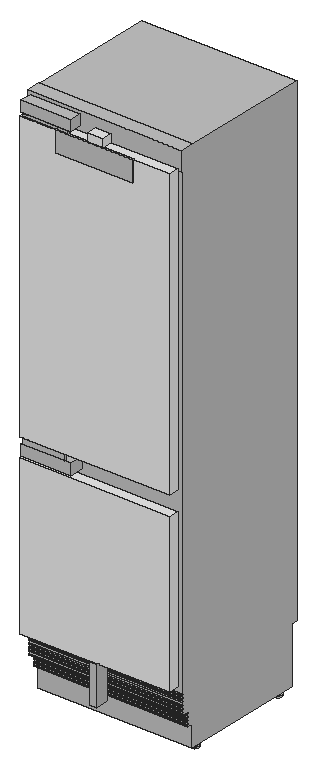
Revit family "FP-Revit18-RS2484WLUK1-FridgeFreezer-0-CA-US-90001068A", category Specialty Equipment, Revit 2020
Family settings
  Round Connector Dimension = Use Diameter
  Part Type = Normal
  OmniClass Number = 23.40.40.11.11
  OmniClass Title = Refrigerators and Freezers
  Work Plane-Based = No
  Always vertical = Yes
  Cut with Voids When Loaded = Yes
  Shared = No
  Room Calculation Point = No
Parameters (values of type "RS2484WLUE1")
  Visibility - Water Connection = yes
  Visibility - Visibility Control Note = yes
  Visibility - Clearance Required = yes
  URL = "www.fisherpaykel.com"
  Stainless Steel Door Panels (RD2484WLD) = no
  Product - Width = 603 mm
  Product - Height = 2134 mm
  Product - Depth (exl front panel) = 610 mm
  Model = "RS2484WLUE1"
  Material - Handle = Fisher & Paykel - Aluminium
  Material - Door Structure = Fisher & Paykel - White
  Material - Door Front = Fisher & Paykel - Stainless Steel
  Material - Body = Fisher & Paykel - Grey
  Manufacturer = "Fisher & Paykel Appliances"
  Handle Style - Professional Square (AHV2RD2484W) = no
  Handle Style - Professional Round Flush (AHP3RD2484W) = no
  Handle Style - Professional Round (AHCRD2484W) = no
  Handle Style - Contemporary Square Fine Black (AHD5RD2484WB) = no
  Handle Style - Contemporary Square Fine (AHD5RD2484W) = no
  Handle Style - Contemporary Square (AHD3RD2484W) = no
  Handle Style - Contemporary Round (AHSRD2484W) = no
  Description = "24\" Integrated Column Refrigerator/Freezer with Ice & Water, SS interior"
  Default Elevation = 0 mm
  Connector Description - Water = "1/4\" (6mm) comp. stainless steel braided hose"
  Connector Description - Electrical = "120 V, 10 amp fused electrical supply"
  Cavity - Width = 610 mm
  Cavity - Height = 2134 mm
  Cavity - Depth = 635 mm
Reference planes
  plane 1 "Datum": y = 0
  plane 2: z = 0
  plane 3 "Center (Left/Right)": x = 0
  plane 4 "Product LHS": x = -301.5
  plane 5 "Product RHS": x = 301.5
  plane 6 "Product - Depth": y = 610
  plane 7 "Cavity LHS": x = -305
  plane 8 "Cavity RHS": x = 305
  plane 9 "Cavity - Depth": y = 635
  plane 10 "Handle Offset": x = 238.5
  plane 11 "Product Height": z = 2134
  plane 12 "Cavity Height": z = 2134
  plane 13 "Door Panel Datum": y = -4.1
Forms (mm)
  Extrusion 1, solid, material "Fisher & Paykel - Grey" <- "Material - Body", detail levels fine
    sketch origin (0, 0, 0) x (0, 1, 0) y (0, 0, 1)
      loop
        line (100.1, 19.1) -> (587.9, 19.1) -> (587.9, 239.7) -> (610, 239.7) -> (610, 2132.3) -> (105.1, 2132.3) -> (105.1, 2134) -> (49.9, 2134) -> (49.9, 2059) -> (56, 2059) -> (56, 228.6) -> (59.5, 228.6) -> (59.5, 219.7) -> (56.5, 219.7) -> (56.5, 215.9) -> (59.5, 215.9) -> (59.5, 207) -> (56.5, 207) -> (56.5, 203.2) -> (59.5, 203.2) -> (59.5, 194.3) -> (56.5, 194.3) -> (56.5, 190.5) -> (59.5, 190.5) -> (59.5, 181.6) -> (56.5, 181.6) -> (56.5, 177.8) -> (59.5, 177.8) -> (59.5, 168.9) -> (56.5, 168.9) -> (56.5, 165.1) -> (59.5, 165.1) -> (59.5, 156.2) -> (56.5, 156.2) -> (56.5, 152.4) -> (84.1, 152.4) -> (84.1, 143.5) -> (81.1, 143.5) -> (81.1, 139.7) -> (84.1, 139.7) -> (84.1, 130.8) -> (81.1, 130.8) -> (81.1, 127) -> (84.1, 127) -> (84.1, 118.1) -> (81.1, 118.1) -> (81.1, 114.3) -> (84.1, 114.3) -> (84.1, 105.4) -> (81.1, 105.4) -> (81.1, 101.6) -> (100.1, 101.6) -> (100.1, 19.1)
    from -301.5 to 301.5
  Extrusion 2, solid, material "Fisher & Paykel - Grey" <- "Material - Body"
    sketch origin (0, 0, 0) x (1, 0, 0) y (0, 1, 0)
      loop
        circle (-281, 547.8) r 4.1
      loop
        circle (-281, 141.8) r 4.1
      loop
        circle (281, 547.8) r 4.1
      loop
        circle (281, 141.8) r 4.1
    from 3 to 19.1
  Extrusion 3, solid, material "Fisher & Paykel - Grey" <- "Material - Body"
    sketch origin (0, 0, 0) x (1, 0, 0) y (0, 1, 0)
      loop
        circle (-281, 547.8) r 14.5
      loop
        circle (-281, 141.8) r 14.555
      loop
        circle (281, 547.8) r 14.5
      loop
        circle (281, 141.8) r 14.555
    from 0 to 3
  Extrusion 4, solid, material "Fisher & Paykel - Grey" <- "Material - Body", detail levels fine
    sketch origin (0, 0, 0) x (1, 0, 0) y (0, 1, 0)
      loop
        line (-7.5, 49) -> (-13.797, -4.1) -> (13.797, -4.1) -> (7.5, 49) -> (-7.5, 49)
    from 104.2 to 253.8
  Extrusion 5, solid, material "Fisher & Paykel - Grey" <- "Material - Body", detail levels fine
    sketch origin (0, 0, 0) x (0, 1, 0) y (0, 0, 1)
      loop
        line (0, 2070.6) -> (0, 1988.6) -> (2, 1988.6) -> (2, 2068.6) -> (4, 2068.6) -> (4, 2070.6) -> (0, 2070.6)
    from -150 to 150
  Extrusion 6, solid, material "Fisher & Paykel - Grey" <- "Material - Body"
    sketch origin (0, 0, 0) x (1, 0, 0) y (0, 0, 1)
      loop
        circle (226.5, 119.813) r 5
      loop
        circle (-226.5, 119.813) r 5
    from -590 to -587.9
  Extrusion 7, solid, material "Fisher & Paykel - White" <- "Material - Door Structure"
    sketch origin (0, 0, 0) x (1, 0, 0) y (0, 1, 0)
      loop
        line (-276.5, 56) -> (-276.5, 42) -> (276.5, 42) -> (276.5, 56) -> (-276.5, 56)
    from 951.3 to 2030.7
  Extrusion 8, solid, material "Fisher & Paykel - White" <- "Material - Door Structure"
    sketch origin (0, 0, 0) x (1, 0, 0) y (0, 1, 0)
      loop
        line (-292.9, 42) -> (-292.9, 3) -> (292.9, 3) -> (292.9, 42) -> (-292.9, 42)
    from 943.8 to 2068.6
  Extrusion 9, solid, material "Fisher & Paykel - White" <- "Material - Door Structure", detail levels fine
    sketch origin (0, 0, 0) x (1, 0, 0) y (0, 0, 1)
      loop
        line (-29.5, 2100.1) -> (-29.5, 2068.6) -> (29.5, 2068.6) -> (29.5, 2100.1) -> (-29.5, 2100.1)
    from -42 to -3
  Extrusion 10, solid, material "Fisher & Paykel - Stainless Steel" <- "Material - Door Front", visible <- "Stainless Steel Door Panels (RD2484WLD)"
    sketch origin (0, 0, 0) x (0, 1, 0) y (0, 0, 1)
      loop
        line (-22.1, 2130.8) -> (-22.1, 876.3) -> (-4.1, 876.3) -> (-4.1, 2130.8) -> (-22.1, 2130.8)
      loop
        line (-22.1, 102) -> (-4.1, 102) -> (-4.1, 873.1) -> (-22.1, 873.1) -> (-22.1, 102)
    from -301.5 to 301.5
  Extrusion 11, solid, material "Fisher & Paykel - Grey" <- "Material - Body", detail levels coarse+medium
    sketch origin (0, 0, 0) x (0, 1, 0) y (0, 0, 1)
      loop
        line (49.9, 2134) -> (49.9, 2059) -> (56, 2059) -> (56, 152.4) -> (81.1, 152.4) -> (81.1, 101.6) -> (100.1, 101.6) -> (100.1, 19.1) -> (587.9, 19.1) -> (587.9, 239.7) -> (610, 239.7) -> (610, 2134) -> (49.9, 2134)
    from -301.5 to 301.5
  Extrusion 12, solid, material "Fisher & Paykel - Grey" <- "Material - Body", detail levels fine
    sketch origin (0, 0, 0) x (-1, 0, 0) y (0, 0, -1)
      loop
        line (289.9, -877.25) -> (95.42, -877.25) -> (95.42, -919.35) -> (289.9, -919.35) -> (289.9, -877.25)
    from -56 to -2.5
  Extrusion 13, solid, material "Fisher & Paykel - Grey" <- "Material - Body", detail levels fine
    sketch origin (0, 0, 0) x (-1, 0, 0) y (0, 0, -1)
      loop
        line (289.9, -2123.15) -> (289.9, -2081.05) -> (95.42, -2081.05) -> (95.42, -2123.15) -> (289.9, -2123.15)
    from -49 to -2.5
  Extrusion 14, solid, material "Fisher & Paykel - Grey" <- "Material - Body", detail levels fine
    sketch origin (0, 0, -4) x (0, 1, 0) y (0, 0, 1)
      loop
        arc (163.888, 23.1) -> (180.4, 13.63) -> (196.912, 23.1) r 19.13
        line (196.912, 23.1) -> (163.888, 23.1)
      loop
        arc (493.888, 23.1) -> (510.4, 13.63) -> (526.912, 23.1) r 19.13
        line (526.912, 23.1) -> (493.888, 23.1)
    from 191 to 219
  Extrusion 15, solid, material "Fisher & Paykel - Grey" <- "Material - Body", detail levels fine
    sketch origin (0, 0, -4) x (0, 1, 0) y (0, 0, -1)
      loop
        line (163.888, -23.1) -> (196.912, -23.1)
        arc (196.912, -23.1) -> (180.4, -13.63) -> (163.888, -23.1) r 19.13
      loop
        line (493.888, -23.1) -> (526.912, -23.1)
        arc (526.912, -23.1) -> (510.4, -13.63) -> (493.888, -23.1) r 19.13
    from 191 to 219
  Extrusion 16, solid, material "Fisher & Paykel - Clearance Required", visible <- "Visibility - Clearance Required", detail levels coarse
    sketch origin (0, 0, 0) x (1, 0, 0) y (0, 1, 0)
      loop
        line (-305, 635) -> (-305, -4.1) -> (305, -4.1) -> (305, 635) -> (-305, 635)
    from 0 to 2134
  Extrusion 17, void
    sketch origin (0, 0, 0) x (1, 0, 0) y (0, 1, 0)
      loop
        line (-305, 635) -> (-305, -22.1) -> (305, -22.1) -> (305, 635) -> (-305, 635)
    from 0 to 2134
  Extrusion 18, solid, material "Fisher & Paykel - Grey" <- "Material - Body", detail levels fine
    sketch origin (0, 0, 0) x (-1, 0, 0) y (0, 0, -1)
      loop
        line (118.4, -943.8) -> (282.9, -943.8) -> (282.9, -919.35) -> (118.4, -919.35) -> (118.4, -943.8)
      loop
        line (106, -2081.05) -> (242.9, -2081.05) -> (282.9, -2076.05) -> (282.9, -2068.6) -> (106, -2068.6) -> (106, -2081.05)
    from -7 to -4
  Extrusion 19, solid, material "Fisher & Paykel - White" <- "Material - Door Structure"
    sketch origin (0, 0, 0) x (1, 0, 0) y (0, 1, 0)
      loop
        line (-292.9, 42) -> (-292.9, 3) -> (292.9, 3) -> (292.9, 42) -> (-292.9, 42)
    from 253.8 to 868.15
  Extrusion 20, solid, material "Fisher & Paykel - White" <- "Material - Door Structure"
    sketch origin (0, 0, 0) x (1, 0, 0) y (0, 1, 0)
      loop
        line (-276.5, 56) -> (-276.5, 42) -> (276.5, 42) -> (276.5, 56) -> (-276.5, 56)
    from 269.2 to 858.13
  Extrusion 21, solid, material "Fisher & Paykel - Clearance Required", visible <- "Visibility - Clearance Required", detail levels coarse
    sketch origin (0, 0, 0) x (0, 1, 0) y (0, 0, 1)
      loop
        line (-422.1, 873.1) -> (-422.1, 818.896) -> (-482.1, 818.896) -> (-482.1, 781.896) -> (-422.1, 781.896) -> (-422.1, 101.6) -> (-22.1, 101.6) -> (-22.1, 873.1) -> (-422.1, 873.1)
    from -305 to 305
  Extrusion 22, solid, material "Fisher & Paykel - Clearance Required", visible <- "Visibility - Clearance Required", detail levels coarse
    sketch origin (0, 0, 0) x (-1, 0, 0) y (0, -1, 0)
      loop
        arc (301.5, 22.1) -> (304.469, 57.05) -> (339.359, 60.653) r 27.5
        line (339.359, 60.653) -> (556.046, 526.865) -> (583.452, 514.085)
        arc (583.452, 514.085) -> (608.033, 523.032) -> (599.086, 547.613) r 18.497
        line (599.086, 547.613) -> (571.638, 560.412) -> (593.641, 607.752)
        arc (593.641, 607.752) -> (-14.693, 560.645) -> (-301.5, 22.1) r 633.927
        line (-301.5, 22.1) -> (301.5, 22.1)
    from 876.3 to 2134
Lines and regions (mm)
  model lines, style "Fisher & Paykel"
    curve 1: line (-301.5, -4.1, 2130.8) -> (301.5, -4.1, 2130.8)
    curve 2: line (-301.5, -4.1, 876.3) -> (-301.5, -4.1, 2130.8)
    curve 3: line (301.5, -4.1, 876.3) -> (-301.5, -4.1, 876.3)
    curve 4: line (301.5, -4.1, 2130.8) -> (301.5, -4.1, 876.3)
    curve 5: line (301.5, -4.1, 873.1) -> (-301.5, -4.1, 873.1)
    curve 6: line (301.5, -4.1, 102) -> (301.5, -4.1, 873.1)
    curve 7: line (-301.5, -4.1, 102) -> (301.5, -4.1, 102)
    curve 8: line (-301.5, -4.1, 873.1) -> (-301.5, -4.1, 102)
Text (mm)
  text "Due to ongoing product development, product details are subject to change without notice. \nPlease always refer to www.fisherpaykel.com for the most current product information. \n© Fisher & Paykel 2020" at (41.04, -678.295, 0), in view "Ref. Level (Plan)"
Dimensions and locks
  equal spacing: plane 4 "Product LHS", plane 3 "Center (Left/Right)", plane 5 "Product RHS"
  "Product - Width": plane 4 "Product LHS" to plane 5 "Product RHS"
  "Product - Depth (exl front panel)": plane 1 "Datum" to plane 6 "Product - Depth"
  equal spacing: plane 7 "Cavity LHS", plane 3 "Center (Left/Right)", plane 8 "Cavity RHS"
  "Cavity - Width": plane 7 "Cavity LHS" to plane 8 "Cavity RHS"
  "Cavity - Depth": plane 9 "Cavity - Depth" to plane 1 "Datum"
  plane 4 "Product LHS" to Extrusion 2 sketch curve = 24.6 mm
  plane 4 "Product LHS" to plane 10 "Handle Offset" = 540 mm
  Extrusion 6 sketch curve to Extrusion 1 = 119.887 mm  (x2)
  Extrusion 6 sketch curve to plane 5 "Product RHS" = 75 mm
  plane 4 "Product LHS" to Extrusion 6 sketch curve = 75 mm
  Extrusion 1 sketch curve to Extrusion 1 sketch curve = 82.5 mm
  Extrusion 1 sketch curve to Extrusion 1 sketch curve = 209.5 mm
  Extrusion 1 sketch curve to Extrusion 1 sketch curve = 220.6 mm
  Extrusion 3 to level = 3 mm
  Extrusion 11 to Extrusion 8 = 924.7 mm
  Extrusion 11 to Extrusion 7 = 932.2 mm
  Extrusion 11 to Extrusion 11 = 2114.9 mm
  Extrusion 11 to Extrusion 10 = 82.9 mm
  "Product - Height": level to plane 11 "Product Height"
  plane 11 "Product Height" to Extrusion 10 = 3.2 mm
  Extrusion 8 to plane 11 "Product Height" = 65.4 mm
  Extrusion 7 to plane 11 "Product Height" = 103.3 mm
  Extrusion 11 sketch curve to plane 11 "Product Height" = 75 mm
  Extrusion 1 sketch curve to plane 11 "Product Height" = 1.7 mm
  Extrusion 1 sketch curve to plane 11 "Product Height" = 75 mm
  "Cavity - Height": plane 12 "Cavity Height" to level
  plane 1 "Datum" to Extrusion 16 = 635 mm
  plane 1 "Datum" to Extrusion 17 = 635 mm
  Extrusion 18 sketch curve to Extrusion 18 sketch curve = 40 mm
  Extrusion 18 sketch curve to Extrusion 18 sketch curve = 176.9 mm
  plane 3 "Center (Left/Right)" to Extrusion 18 sketch curve = 106 mm
  plane 3 "Center (Left/Right)" to Extrusion 18 sketch curve = 118.4 mm
  Extrusion 17 to level = 2134 mm
  radius of Extrusion 6 sketch curve = 5 mm
  aligned and locked: level to plane 2
  aligned and locked: Extrusion 10 to plane 5 "Product RHS"
  aligned and locked: plane 4 "Product LHS" to Extrusion 10
  aligned and locked: Extrusion 11 to plane 5 "Product RHS"
  aligned and locked: Extrusion 11 to plane 4 "Product LHS"
  aligned and locked: Extrusion 11 sketch curve to plane 11 "Product Height"
  aligned and locked: plane 11 "Product Height" to Extrusion 1 sketch curve
  aligned and locked: Extrusion 14 sketch curve to Extrusion 14 sketch curve
  aligned and locked: Extrusion 15 sketch curve to Extrusion 15 sketch curve
  aligned and locked: Extrusion 1 to plane 5 "Product RHS"
  aligned and locked: plane 4 "Product LHS" to Extrusion 1
  aligned and locked: nested 2 to plane 10 "Handle Offset"
  aligned and locked: nested 3 to plane 10 "Handle Offset"
  aligned and locked: nested 4 to plane 10 "Handle Offset"
  aligned and locked: nested 5 to plane 10 "Handle Offset"
  aligned and locked: nested 6 to plane 10 "Handle Offset"
  aligned and locked: nested 7 to plane 10 "Handle Offset"
  aligned and locked: nested 8 to plane 10 "Handle Offset"
Automatic sketch dimensions
  Extrusion 1 sketch curve to plane 6 "Product - Depth" = 0 mm
  Extrusion 1 sketch curve to Extrusion 1 sketch curve = 22.1 mm
  Extrusion 1 sketch curve to plane 1 "Datum" = 105.1 mm
  level to Extrusion 1 sketch curve = 19.1 mm
  Extrusion 1 sketch curve to plane 1 "Datum" = 100.1 mm
  Extrusion 1 sketch curve to Extrusion 1 sketch curve = 16 mm
  Extrusion 1 sketch curve to Extrusion 1 sketch curve = 0 mm  (x8)
  Extrusion 1 sketch curve to Extrusion 1 sketch curve = 3 mm  (x10)
  Extrusion 1 sketch curve to plane 1 "Datum" = 59.5 mm
  Extrusion 1 sketch curve to plane 1 "Datum" = 56 mm
  Extrusion 1 sketch curve to plane 1 "Datum" = 49.9 mm
  Extrusion 1 sketch curve to Extrusion 1 sketch curve = 3.8 mm  (x10)
  Extrusion 1 sketch curve to Extrusion 1 sketch curve = 8.9 mm  (x9)
  Extrusion 2 sketch curve to plane 4 "Product LHS" = 20.5 mm  (x2)
  plane 5 "Product RHS" to Extrusion 2 sketch curve = 20.5 mm  (x2)
  Extrusion 2 sketch curve to plane 1 "Datum" = 141.8 mm  (x2)
  Extrusion 2 sketch curve to plane 6 "Product - Depth" = 62.2 mm  (x2)
  Extrusion 3 sketch curve to plane 4 "Product LHS" = 20.5 mm  (x2)
  plane 5 "Product RHS" to Extrusion 3 sketch curve = 20.5 mm  (x2)
  Extrusion 3 sketch curve to plane 1 "Datum" = 141.8 mm  (x2)
  Extrusion 3 sketch curve to plane 6 "Product - Depth" = 62.2 mm  (x2)
  plane 1 "Datum" to Extrusion 4 sketch curve = 4.1 mm
  Extrusion 4 sketch curve to plane 3 "Center (Left/Right)" = 13.797 mm
  Extrusion 4 sketch curve to plane 3 "Center (Left/Right)" = 7.5 mm
  plane 3 "Center (Left/Right)" to Extrusion 4 sketch curve = 7.5 mm
  plane 3 "Center (Left/Right)" to Extrusion 4 sketch curve = 13.797 mm
  Extrusion 4 sketch curve to plane 1 "Datum" = 49 mm
  Extrusion 5 sketch curve to plane 1 "Datum" = 0 mm
  Extrusion 5 sketch curve to plane 1 "Datum" = 2 mm
  Extrusion 5 sketch curve to Extrusion 5 sketch curve = 2 mm  (x2)
  plane 11 "Product Height" to Extrusion 5 sketch curve = 145.4 mm
  plane 11 "Product Height" to Extrusion 5 sketch curve = 65.4 mm
  Extrusion 7 sketch curve to plane 4 "Product LHS" = 25 mm
  plane 5 "Product RHS" to Extrusion 7 sketch curve = 25 mm
  Extrusion 7 sketch curve to plane 1 "Datum" = 42 mm
  Extrusion 7 sketch curve to Extrusion 7 sketch curve = 14 mm
  Extrusion 8 sketch curve to plane 1 "Datum" = 3 mm
  Extrusion 8 sketch curve to plane 4 "Product LHS" = 8.6 mm
  plane 5 "Product RHS" to Extrusion 8 sketch curve = 8.6 mm
  Extrusion 8 sketch curve to Extrusion 8 sketch curve = 39 mm
  Extrusion 9 sketch curve to plane 3 "Center (Left/Right)" = 29.5 mm
  plane 3 "Center (Left/Right)" to Extrusion 9 sketch curve = 29.5 mm
  plane 11 "Product Height" to Extrusion 9 sketch curve = 65.4 mm
  Extrusion 9 sketch curve to Extrusion 9 sketch curve = 31.5 mm
  Extrusion 11 sketch curve to plane 6 "Product - Depth" = 0 mm
  Extrusion 11 sketch curve to plane 6 "Product - Depth" = 22.1 mm
  Extrusion 11 sketch curve to plane 1 "Datum" = 100.1 mm
  Extrusion 11 sketch curve to Extrusion 11 sketch curve = 19 mm
  Extrusion 11 sketch curve to plane 1 "Datum" = 56 mm
  Extrusion 11 sketch curve to plane 1 "Datum" = 49.9 mm
  level to Extrusion 11 sketch curve = 239.7 mm
  level to Extrusion 11 sketch curve = 152.4 mm
  Extrusion 11 sketch curve to Extrusion 11 sketch curve = 50.8 mm
  level to Extrusion 11 sketch curve = 19.1 mm
  plane 3 "Center (Left/Right)" to Extrusion 12 sketch curve = 95.42 mm
  plane 4 "Product LHS" to Extrusion 12 sketch curve = 11.6 mm
  Extrusion 12 sketch curve to level = 877.25 mm
  Extrusion 12 sketch curve to Extrusion 12 sketch curve = 42.1 mm
  Extrusion 13 sketch curve to plane 11 "Product Height" = 10.85 mm
  plane 3 "Center (Left/Right)" to Extrusion 13 sketch curve = 95.42 mm
  plane 4 "Product LHS" to Extrusion 13 sketch curve = 11.6 mm
  Extrusion 13 sketch curve to Extrusion 13 sketch curve = 42.1 mm
  level to Extrusion 14 sketch curve = 19.1 mm
  Extrusion 14 sketch curve to plane 1 "Datum" = 163.888 mm
  Extrusion 14 sketch curve to Extrusion 14 sketch curve = 16.512 mm  (x2)
  Extrusion 14 sketch curve to plane 6 "Product - Depth" = 116.112 mm
  Extrusion 14 sketch curve to Extrusion 14 sketch curve = 9.66 mm  (x2)
  level to Extrusion 15 sketch curve = 19.1 mm
  Extrusion 15 sketch curve to plane 1 "Datum" = 163.888 mm
  Extrusion 15 sketch curve to Extrusion 15 sketch curve = 16.512 mm  (x2)
  Extrusion 15 sketch curve to plane 6 "Product - Depth" = 116.112 mm
  Extrusion 15 sketch curve to Extrusion 15 sketch curve = 9.66 mm  (x2)
  Extrusion 16 sketch curve to plane 7 "Cavity LHS" = 0 mm
  Extrusion 16 sketch curve to plane 8 "Cavity RHS" = 0 mm
  Extrusion 16 sketch curve to plane 9 "Cavity - Depth" = 0 mm
  plane 1 "Datum" to Extrusion 16 sketch curve = 4.1 mm
  Extrusion 17 sketch curve to plane 7 "Cavity LHS" = 0 mm
  Extrusion 17 sketch curve to plane 8 "Cavity RHS" = 0 mm
  plane 9 "Cavity - Depth" to Extrusion 17 sketch curve = 0 mm
  plane 1 "Datum" to Extrusion 17 sketch curve = 22.1 mm
  plane 4 "Product LHS" to Extrusion 18 sketch curve = 18.6 mm
  Extrusion 18 sketch curve to level = 919.35 mm
  Extrusion 18 sketch curve to Extrusion 18 sketch curve = 24.45 mm
  Extrusion 18 sketch curve to plane 11 "Product Height" = 65.4 mm
  Extrusion 18 sketch curve to Extrusion 18 sketch curve = 7.45 mm
  Extrusion 18 sketch curve to Extrusion 18 sketch curve = 5 mm
  Extrusion 19 sketch curve to plane 1 "Datum" = 3 mm
  Extrusion 19 sketch curve to plane 4 "Product LHS" = 8.6 mm
  plane 5 "Product RHS" to Extrusion 19 sketch curve = 8.6 mm
  Extrusion 19 sketch curve to Extrusion 19 sketch curve = 39 mm
  Extrusion 20 sketch curve to plane 4 "Product LHS" = 25 mm
  plane 5 "Product RHS" to Extrusion 20 sketch curve = 25 mm
  Extrusion 20 sketch curve to plane 1 "Datum" = 42 mm
  Extrusion 20 sketch curve to Extrusion 20 sketch curve = 14 mm
  plane 1 "Datum" to Extrusion 21 sketch curve = 482.1 mm
  Extrusion 21 sketch curve to Extrusion 21 sketch curve = 60 mm
  Extrusion 21 sketch curve to Extrusion 21 sketch curve = 0 mm
  plane 1 "Datum" to Extrusion 21 sketch curve = 22.1 mm
  level to Extrusion 21 sketch curve = 101.6 mm
  Extrusion 21 sketch curve to Extrusion 21 sketch curve = 680.296 mm
  Extrusion 21 sketch curve to Extrusion 21 sketch curve = 37 mm
  Extrusion 21 sketch curve to Extrusion 21 sketch curve = 54.204 mm
  Extrusion 22 sketch curve to plane 5 "Product RHS" = 0 mm
  Extrusion 22 sketch curve to plane 4 "Product LHS" = 0 mm
  Extrusion 22 sketch curve to plane 7 "Cavity LHS" = 19.09 mm
  Extrusion 22 sketch curve to Extrusion 22 sketch curve = 8.286 mm
  Extrusion 22 sketch curve to Extrusion 22 sketch curve = 15.269 mm
  Extrusion 22 sketch curve to plane 7 "Cavity LHS" = 251.046 mm
  Extrusion 22 sketch curve to Extrusion 22 sketch curve = 15.592 mm
  Extrusion 22 sketch curve to Extrusion 22 sketch curve = 27.406 mm
  Extrusion 22 sketch curve to Extrusion 22 sketch curve = 7.817 mm  (x2)
  Extrusion 22 sketch curve to Extrusion 22 sketch curve = 22.003 mm
  Extrusion 22 sketch curve to plane 1 "Datum" = 607.752 mm
  Extrusion 22 sketch curve to Extrusion 22 sketch curve = 47.34 mm
  Extrusion 22 sketch curve to Extrusion 22 sketch curve = 12.799 mm
  Extrusion 22 sketch curve to Extrusion 22 sketch curve = 16.764 mm
  Extrusion 22 sketch curve to Extrusion 22 sketch curve = 12.78 mm
  Extrusion 22 sketch curve to plane 1 "Datum" = 60.653 mm
  Extrusion 22 sketch curve to Extrusion 22 sketch curve = 22.871 mm
  plane 1 "Datum" to Extrusion 10 sketch curve = 22.1 mm
  plane 1 "Datum" to Extrusion 10 sketch curve = 4.1 mm
  level to Extrusion 10 sketch curve = 102 mm
  plane 11 "Product Height" to Extrusion 10 sketch curve = 3.2 mm
  Extrusion 10 sketch curve to Extrusion 10 sketch curve = 3.2 mm
  Extrusion 10 sketch curve to Extrusion 10 sketch curve = 771.1 mm
  Extrusion 10 sketch curve to Extrusion 10 sketch curve = 0 mm  (x2)
  plane 5 "Product RHS" to curve 5 = 0 mm
  plane 5 "Product RHS" to curve 1 = 0 mm
  plane 4 "Product LHS" to curve 5 = 0 mm
  plane 4 "Product LHS" to curve 2 = 0 mm
  level to curve 6 = 102 mm
  curve 6 to curve 6 = 771.1 mm
  curve 5 to curve 2 = 3.2 mm
  plane 11 "Product Height" to curve 2 = 3.2 mm
  radius of Extrusion 2 sketch curve = 4.1 mm  (x3)
  radius of Extrusion 3 sketch curve = 14.5 mm  (x2)
  radius of Extrusion 3 sketch curve = 14.555 mm  (x2)
  radius of Extrusion 6 sketch curve = 5 mm
Nested families
  nested 1: "Visibility Control Note 18" at (0, 0, 0), visible <- "Visibility - Visibility Control Note", type "Visibility Control Note 18"
  nested 2: "Handle Contemporary Round - Vertical" at (238.5, -22.1, 1322.58), visible <- "Handle Style - Contemporary Round (AHSRD2484W)", type "AHSRD2484W - Contemporary round handle (1 of 2) (Vertical) 727mm"
  nested 3: "Handle Contemporary Square - Vertical" at (238.5, -22.1, 1322.58), visible <- "Handle Style - Contemporary Square (AHD3RD2484W)", type "AHD3RD2484W - Contemporary square handle (1 of 2) (Vertical) 727mm"
  nested 4: "F&P Handle Kit - Contemporary Square Fine - Vertical" at (238.5, -22.1, 1322.58), visible <- "Handle Style - Contemporary Square Fine Black (AHD5RD2484WB)", type "AHD5RD2484WB - Contemporary square fine black handle (1 of 2) (Vertical) 727mm"
  nested 5: "F&P Handle Kit - Contemporary Square Fine - Vertical" at (238.5, -22.1, 1322.58), visible <- "Handle Style - Contemporary Square Fine (AHD5RD2484W)", type "AHD5RD2484W - Contemporary square fine handle (1 of 2) (Vertical) 727mm"
  nested 6: "Handle Professional Round - Vertical" at (238.5, -22.1, 1322.58), visible <- "Handle Style - Professional Round (AHCRD2484W)", type "AHCRD2484W - Professional round handle (1 of 2) (Vertical) 661mm"
  nested 7: "Handle Professional Round Flush - Vertical" at (238.5, -22.1, 1322.58), visible <- "Handle Style - Professional Round Flush (AHP3RD2484W)", type "AHP3RD2484W - Professional round flush handle (1 of 2) (Vertical) 677mm"
  nested 8: "Handle Professional Square - Vertical" at (238.5, -22.1, 1322.58), visible <- "Handle Style - Professional Square (AHV2RD2484W)", type "AHV2RD2484W - Professional square handle (1 of 2) (Vertical) 727mm"
  nested 9: "Handle Contemporary Round - Horizontal" at (0, -22.1, 800.364), visible <- "Handle Style - Contemporary Round (AHSRD2484W)", type "AHSRD2484W - Contemporary round handle (2 of 2) (Horizontal) 494mm"
  nested 10: "Handle Contemporary Square - Horizontal" at (0, -22.1, 800.364), visible <- "Handle Style - Contemporary Square (AHD3RD2484W)", type "AHD3RD2484W - Contemporary square handle (2 of 2) (Horizontal) 494mm"
  nested 11: "F&P Handle Kit - Contemporary Square Fine - Horizontal" at (0, -22.1, 800.364), visible <- "Handle Style - Contemporary Square Fine Black (AHD5RD2484WB)", type "AHD5RD2484WB - Contemporary square fine black handle (2 of 2) (Horizontal) 494mm"
  nested 12: "Handle Professional Round - Horizontal" at (0, -22.1, 800.364), visible <- "Handle Style - Professional Round (AHCRD2484W)", type "AHCRD2484W - Professional round handle (2 of 2) (Horizontal) 428mm"
  nested 13: "Handle Professional Round Flush - Horizontal" at (0, -22.1, 800.364), visible <- "Handle Style - Professional Round Flush (AHP3RD2484W)", type "AHP3RD2484W - Professional round flush handle (2 of 2) (Horizontal) 443mm"
  nested 14: "Handle Professional Square - Horizontal" at (0, -22.1, 800.364), visible <- "Handle Style - Professional Square (AHV2RD2484W)", type "AHV2RD2484W - Professional square handle (2 of 2) (Horizontal) 434mm"
  nested 15: "F&P Handle Kit - Contemporary Square Fine - Horizontal" at (0, -22.1, 800.364), visible <- "Handle Style - Contemporary Square Fine (AHD5RD2484W)", type "AHD5RD2484W - Contemporary square fine handle (2 of 2) (Horizontal) 494mm"
Connectors
  electrical at (-226.5, 590, 119.813), driven by "Connector Description - Electrical"
    settings: on Extrusion 6, index 1, voltage 120 V, apparent load 0 VA, apparent load phase1 0 VA, apparent load phase2 0 VA, apparent load phase3 0 VA, power factor 1, load classification "Other", number of poles 1, system type 30, power factor state 1, is connector primary yes, connector utility no, sub classification motor no, connector description "120 V, 10 amp fused electrical supply"
  piping at (226.5, 590, 119.813), diameter 12.7, driven by "Visibility - Water Connection", driven by "Connector Description - Water"
    settings: on Extrusion 6, index 2, connector inside diameter 609.6 mm, connector length 0 mm, flow factor 0, pipe flow 0.0 L/s, pressure drop 0.0 Pa, fitting loss kfactor 0, connector angle 0.00°, fixture units 0, engagement length 0 mm, angle of deflection 0.00°, flow configuration 0, flow direction 1, fitting loss method 0, system type 20, joint type 0, gender type 0, connector reference index -1, connector utility 1, adjustable connector no, is connector primary yes, connector description "1/4\" (6mm) comp. stainless steel braided hose"
Definition of nested family "Handle Contemporary Round - Vertical"
  Parameters (values of type "AHSRS80A - Contemporary round handle (1 of 2) (Vertical) 727mm")
    URL = "www.fisherpaykel.com"
    Material - Handle = none
    Manufacturer = "Fisher & Paykel Appliances"
    Handle - Length = 727 mm
    Default Elevation = 0 mm
  Types (6, lengths in mm): name | Handle - Length
    AHS-RD21 - Contemporary round handle (Vertical) 852mm | 852
    AHSRD2484W - Contemporary round handle (1 of 2) (Vertical) 727mm | 727
    AHSRD3084W - Contemporary round handle (1 of 2) (Vertical) 727mm | 727
    AHS-RD84 - Contemporary round handle (Vertical) 852mm | 852
    AHSRS3272A - Contemporary round handle (1 of 2) (Vertical) 727mm | 727
    AHSRS80A - Contemporary round handle (1 of 2) (Vertical) 727mm | 727
  Reference planes
    plane 1 "Center (Front/Back)": y = 0
    plane 2: z = 0
    plane 3 "Center (Left/Right)": x = 0
    plane 4 "Top": z = 363.5
    plane 5 "Bottom": z = -363.5
    plane 6 "Top Standoff": z = 243.5
    plane 7 "Bottom Standoff": z = -243.5
  Forms (mm)
    Extrusion 1, solid, material <- "Material - Handle"
      sketch origin (0, 0, 0) x (1, 0, 0) y (0, 1, 0)
        loop
          circle (0, -32.3) r 8.7
      from -243.5 to 243.5
    Extrusion 2, solid, material <- "Material - Handle", detail levels fine
      sketch origin (0, 0, 0) x (1, 0, 0) y (0, 1, 0)
        loop
          line (-8.7, 0) -> (-8.7, -32.3)
          arc (-8.7, -32.3) -> (0, -41) -> (8.7, -32.3) r 8.7
          line (8.7, -32.3) -> (8.7, 0) -> (-8.7, 0)
      from 243.5 to 363.5
    Extrusion 3, solid, material <- "Material - Handle", detail levels fine
      sketch origin (0, 0, 0) x (1, 0, 0) y (0, 1, 0)
        loop
          line (-8.7, 0) -> (-8.7, -32.3)
          arc (-8.7, -32.3) -> (0, -41) -> (8.7, -32.3) r 8.7
          line (8.7, -32.3) -> (8.7, 0) -> (-8.7, 0)
      from -363.5 to -243.5
    Sweep 4, void
      path in 3D
        loop
          line (8.7, 0, -363.5) -> (8.7, -32.3, -363.5)
          arc (8.7, -32.3, -363.5) -> (0, -41, -363.5) -> (-8.7, -32.3, -363.5) r 8.7
          line (-8.7, -32.3, -363.5) -> (-8.7, 0, -363.5)
      profile origin (8.7, -16.15, -363.5) x (-1, 0, 0) y (0, 0, -1)
        loop
          line (0, 0) -> (0, -1) -> (1, 0) -> (0, 0)
    Sweep 5, void
      path in 3D
        loop
          line (-8.7, 0, 363.5) -> (-8.7, -32.3, 363.5)
          arc (-8.7, -32.3, 363.5) -> (0, -41, 363.5) -> (8.7, -32.3, 363.5) r 8.7
          line (8.7, -32.3, 363.5) -> (8.7, 0, 363.5)
      profile origin (8.7, -16.15, 363.5) x (-1, 0, 0) y (0, 0, 1)
        loop
          line (0, 0) -> (0, -1) -> (1, 0) -> (0, 0)
    Extrusion 6, solid, material <- "Material - Handle", detail levels coarse+medium
      sketch origin (0, 0, 0) x (1, 0, 0) y (0, 1, 0)
        loop
          line (-8.7, 0) -> (-8.7, -32.3)
          arc (-8.7, -32.3) -> (0, -41) -> (8.7, -32.3) r 8.7
          line (8.7, -32.3) -> (8.7, 0) -> (-8.7, 0)
      from 243.5 to 363.5
    Extrusion 7, solid, material <- "Material - Handle", detail levels coarse+medium
      sketch origin (0, 0, 0) x (1, 0, 0) y (0, 1, 0)
        loop
          line (-8.7, 0) -> (-8.7, -32.3)
          arc (-8.7, -32.3) -> (0, -41) -> (8.7, -32.3) r 8.7
          line (8.7, -32.3) -> (8.7, 0) -> (-8.7, 0)
      from -363.5 to -243.5
  Cuts and joins
    Sweep 4 cuts Extrusion 3
    Sweep 5 cuts Extrusion 2
  Lines and regions (mm)
    sketch lines
      curve 1: line (8.7, 0, -363.5) -> (8.7, -32.3, -363.5)
      curve 2: arc (-8.7, -32.3, -363.5) -> (0, -41, -363.5) -> (8.7, -32.3, -363.5) r 8.7
      curve 3: line (-8.7, -32.3, -363.5) -> (-8.7, 0, -363.5)
      curve 4: line (8.7, -32.3, 363.5) -> (8.7, 0, 363.5)
      curve 5: arc (8.7, -32.3, 363.5) -> (0, -41, 363.5) -> (-8.7, -32.3, 363.5) r 8.7
      curve 6: line (-8.7, 0, 363.5) -> (-8.7, -32.3, 363.5)
  Dimensions and locks
    equal spacing: plane 4 "Top", level, plane 5 "Bottom"
    "Handle - Length": plane 4 "Top" to plane 5 "Bottom"
    locked: plane 4 "Top" to plane 6 "Top Standoff" at 120
    locked: plane 7 "Bottom Standoff" to plane 5 "Bottom" at 120
    Extrusion 2 sketch curve to Extrusion 2 sketch curve = 17.4 mm
    Extrusion 3 sketch curve to Extrusion 3 sketch curve = 17.4 mm
    Extrusion 6 sketch curve to Extrusion 6 sketch curve = 17.4 mm
    Extrusion 7 sketch curve to Extrusion 7 sketch curve = 17.4 mm
    aligned and locked: level to plane 2
    aligned and locked: plane 4 "Top" to Extrusion 2
    aligned and locked: Extrusion 3 to plane 5 "Bottom"
    aligned and locked: plane 7 "Bottom Standoff" to Extrusion 3
    aligned and locked: Extrusion 1 to plane 7 "Bottom Standoff"
    aligned and locked: plane 6 "Top Standoff" to Extrusion 1
    aligned and locked: Extrusion 2 to Extrusion 1
    aligned and locked: Extrusion 6 to Extrusion 1
    aligned and locked: plane 4 "Top" to Extrusion 6
    aligned and locked: Extrusion 7 to Extrusion 1
    aligned and locked: Extrusion 7 to plane 5 "Bottom"
  Automatic sketch dimensions
    Extrusion 1 sketch curve to plane 3 "Center (Left/Right)" = 0 mm
    plane 1 "Center (Front/Back)" to Extrusion 1 sketch curve = 32.3 mm
    plane 1 "Center (Front/Back)" to Extrusion 2 sketch curve = 0 mm
    Extrusion 2 sketch curve to plane 3 "Center (Left/Right)" = 0 mm
    Extrusion 2 sketch curve to plane 3 "Center (Left/Right)" = 8.7 mm
    plane 1 "Center (Front/Back)" to Extrusion 2 sketch curve = 32.3 mm
    plane 1 "Center (Front/Back)" to Extrusion 3 sketch curve = 0 mm
    Extrusion 3 sketch curve to plane 3 "Center (Left/Right)" = 0 mm
    Extrusion 3 sketch curve to plane 3 "Center (Left/Right)" = 8.7 mm
    plane 1 "Center (Front/Back)" to Extrusion 3 sketch curve = 32.3 mm
    Sweep 4 sketch curve to profile plane = 0 mm  (x2)
    Sweep 4 sketch curve to profile plane = 1 mm  (x2)
    Sweep 5 sketch curve to profile plane = 0 mm  (x2)
    Sweep 5 sketch curve to profile plane = 1 mm  (x2)
    Extrusion 6 sketch curve to plane 3 "Center (Left/Right)" = 0 mm
    Extrusion 6 sketch curve to plane 3 "Center (Left/Right)" = 8.7 mm
    plane 1 "Center (Front/Back)" to Extrusion 6 sketch curve = 32.3 mm
    Extrusion 6 sketch curve to Extrusion 6 sketch curve = 32.3 mm
    Extrusion 7 sketch curve to plane 3 "Center (Left/Right)" = 0 mm
    Extrusion 7 sketch curve to plane 3 "Center (Left/Right)" = 8.7 mm
    plane 1 "Center (Front/Back)" to Extrusion 7 sketch curve = 32.3 mm
    Extrusion 7 sketch curve to Extrusion 7 sketch curve = 32.3 mm
    radius of Extrusion 1 sketch curve = 8.7 mm
Definition of nested family "Handle Contemporary Square - Vertical"
  Parameters (values of type "AHD3RS80A - Contemporary square handle (1 of 2) (Vertical) 727mm")
    URL = "www.fisherpaykel.com"
    Material - Handle = none
    Manufacturer = "Fisher & Paykel Appliances"
    Handle - Length = 727 mm
    Default Elevation = 0 mm
  Types (7, lengths in mm): name | Handle - Length
    (no name) | 727
    AHD3-RD21 - Contemporary square handle (Vertical) 852mm | 852
    AHD3RD2484W - Contemporary square handle (1 of 2) (Vertical) 727mm | 727
    AHD3RD3084W - Contemporary square handle (1 of 2) (Vertical) 727mm | 727
    AHD3-RD84 - Contemporary square handle (Vertical) 852mm | 852
    AHD3RS3272A - Contemporary square handle (1 of 2) (Vertical) 727mm | 727
    AHD3RS80A - Contemporary square handle (1 of 2) (Vertical) 727mm | 727
  Reference planes
    plane 1 "Center (Front/Back)": y = 0
    plane 2: z = 0
    plane 3 "Center (Left/Right)": x = 0
    plane 4 "Top": z = 363.5
    plane 5 "Bottom": z = -363.5
    plane 6 "Top Standoff": z = 243.5
    plane 7 "Bottom Standoff": z = -243.5
  Forms (mm)
    Extrusion 1, solid, material <- "Material - Handle", detail levels fine
      sketch origin (0, 0, 0) x (1, 0, 0) y (0, 1, 0)
        loop
          arc (-7.583, -28.701) -> (-7.89, -29.057) -> (-8, -29.514) r 1
          line (-8, -29.514) -> (-8, -40.5)
          arc (-8, -40.5) -> (-7.561, -41.561) -> (-6.5, -42) r 1.5
          line (-6.5, -42) -> (6.5, -42)
          arc (6.5, -42) -> (7.561, -41.561) -> (8, -40.5) r 1.5
          line (8, -40.5) -> (8, -29.487)
          arc (8, -29.487) -> (7.889, -29.029) -> (7.58, -28.673) r 1
          arc (7.58, -28.673) -> (-0.006, -26.256) -> (-7.583, -28.701) r 13.038
      from -363.5 to 363.5
    Extrusion 2, solid, material <- "Material - Handle", detail levels fine
      sketch origin (0, 0, 0) x (1, 0, 0) y (0, 1, 0)
        loop
          arc (7.058, -28.23) -> (7.466, -28.244) -> (7.674, -27.893) r 0.4
          line (7.674, -27.893) -> (7.674, 0) -> (-7.674, 0) -> (-7.674, -27.86)
          arc (-7.674, -27.86) -> (-7.467, -28.21) -> (-7.06, -28.198) r 0.4
          arc (-7.06, -28.198) -> (0.004, -26.156) -> (7.058, -28.23) r 13.136
      from 243.5 to 363.5
    Extrusion 3, solid, material <- "Material - Handle", detail levels fine
      sketch origin (0, 0, 0) x (1, 0, 0) y (0, 1, 0)
        loop
          arc (7.058, -28.23) -> (7.466, -28.244) -> (7.674, -27.893) r 0.4
          line (7.674, -27.893) -> (7.674, 0) -> (-7.674, 0) -> (-7.674, -27.86)
          arc (-7.674, -27.86) -> (-7.467, -28.21) -> (-7.06, -28.198) r 0.4
          arc (-7.06, -28.198) -> (0.004, -26.156) -> (7.058, -28.23) r 13.136
      from -363.5 to -243.5
    Sweep 4, void
      path in 3D
        loop
          line (-8, -29.514, 363.5) -> (-8, -40.5, 363.5)
          arc (-8, -40.5, 363.5) -> (-7.561, -41.561, 363.5) -> (-6.5, -42, 363.5) r 1.5
          line (-6.5, -42, 363.5) -> (6.5, -42, 363.5)
          arc (6.5, -42, 363.5) -> (7.561, -41.561, 363.5) -> (8, -40.5, 363.5) r 1.5
          line (8, -40.5, 363.5) -> (8, -29.487, 363.5)
      profile origin (8, -34.994, 363.5) x (-1, 0, 0) y (0, 0, 1)
        loop
          line (0, 0) -> (0, -1.3) -> (1.3, 0) -> (0, 0)
    Sweep 5, void
      path in 3D
        loop
          line (8, -29.487, -363.5) -> (8, -40.5, -363.5)
          arc (8, -40.5, -363.5) -> (7.561, -41.561, -363.5) -> (6.5, -42, -363.5) r 1.5
          line (6.5, -42, -363.5) -> (-6.5, -42, -363.5)
          arc (-6.5, -42, -363.5) -> (-7.561, -41.561, -363.5) -> (-8, -40.5, -363.5) r 1.5
          line (-8, -40.5, -363.5) -> (-8, -29.514, -363.5)
      profile origin (8, -34.994, -363.5) x (-1, 0, 0) y (0, 0, -1)
        loop
          line (0, 0) -> (0, -1.3) -> (1.3, 0) -> (0, 0)
    Extrusion 6, void
      sketch origin (0, 0, 0) x (1, 0, 0) y (0, 0, 1)
        loop
          line (-8, -362.2) -> (-8, -363.5) -> (-6.7, -363.5) -> (-8, -362.2)
        loop
          line (8, -362.2) -> (6.7, -363.5) -> (8, -363.5) -> (8, -362.2)
      from 0 to 40
    Extrusion 7, void
      sketch origin (0, 0, 0) x (1, 0, 0) y (0, 0, 1)
        loop
          line (-8, 363.5) -> (-8, 362.2) -> (-6.7, 363.5) -> (-8, 363.5)
        loop
          line (8, 363.5) -> (6.7, 363.5) -> (8, 362.2) -> (8, 363.5)
      from 0 to 40
    Extrusion 8, solid, material <- "Material - Handle", detail levels coarse+medium
      sketch origin (0, 0, 0) x (0, 1, 0) y (0, 0, 1)
        loop
          line (0, 363.5) -> (-42, 363.5) -> (-42, -363.5) -> (0, -363.5) -> (0, -243.5) -> (-26.245, -243.5) -> (-26.245, 243.5) -> (0, 243.5) -> (0, 363.5)
      from -8 to 8
  Cuts and joins
    Sweep 4, Sweep 5, Extrusion 6, Extrusion 7 cuts Extrusion 1
    Extrusion 6 cuts Extrusion 3
    Extrusion 7 cuts Extrusion 2
  Lines and regions (mm)
    sketch lines
      curve 1: line (8, -40.5, 363.5) -> (8, -29.487, 363.5)
      curve 2: arc (8, -40.5, 363.5) -> (7.561, -41.561, 363.5) -> (6.5, -42, 363.5) r 1.5
      curve 3: line (-6.5, -42, 363.5) -> (6.5, -42, 363.5)
      curve 4: arc (-6.5, -42, 363.5) -> (-7.561, -41.561, 363.5) -> (-8, -40.5, 363.5) r 1.5
      curve 5: line (-8, -29.514, 363.5) -> (-8, -40.5, 363.5)
      curve 6: line (8, -29.487, -363.5) -> (8, -40.5, -363.5)
      curve 7: arc (6.5, -42, -363.5) -> (7.561, -41.561, -363.5) -> (8, -40.5, -363.5) r 1.5
      curve 8: line (6.5, -42, -363.5) -> (-6.5, -42, -363.5)
      curve 9: arc (-8, -40.5, -363.5) -> (-7.561, -41.561, -363.5) -> (-6.5, -42, -363.5) r 1.5
      curve 10: line (-8, -40.5, -363.5) -> (-8, -29.514, -363.5)
  Dimensions and locks
    equal spacing: plane 4 "Top", level, plane 5 "Bottom"
    "Handle - Length": plane 4 "Top" to plane 5 "Bottom"
    locked: plane 4 "Top" to plane 6 "Top Standoff" at 120
    locked: plane 7 "Bottom Standoff" to plane 5 "Bottom" at 120
    aligned and locked: level to plane 2
    aligned and locked: plane 4 "Top" to Extrusion 2
    aligned and locked: Extrusion 2 to plane 6 "Top Standoff"
    aligned and locked: plane 4 "Top" to Extrusion 1
    aligned and locked: Extrusion 1 to plane 5 "Bottom"
    aligned and locked: Extrusion 3 to plane 5 "Bottom"
    aligned and locked: plane 7 "Bottom Standoff" to Extrusion 3
    aligned and locked: plane 4 "Top" to Extrusion 8 sketch curve
    aligned and locked: plane 6 "Top Standoff" to Extrusion 8 sketch curve
    aligned and locked: plane 7 "Bottom Standoff" to Extrusion 8 sketch curve
    aligned and locked: plane 5 "Bottom" to Extrusion 8 sketch curve
    aligned and locked: plane 1 "Center (Front/Back)" to Extrusion 8 sketch curve  (x2)
  Automatic sketch dimensions
    Extrusion 1 sketch curve to plane 3 "Center (Left/Right)" = 8 mm
    Extrusion 1 sketch curve to Extrusion 1 sketch curve = 1 mm  (x2)
    Extrusion 1 sketch curve to Extrusion 1 sketch curve = 1.5 mm
    plane 3 "Center (Left/Right)" to Extrusion 1 sketch curve = 0.018 mm
    plane 3 "Center (Left/Right)" to Extrusion 1 sketch curve = 6.5 mm
    plane 3 "Center (Left/Right)" to Extrusion 1 sketch curve = 7 mm
    plane 1 "Center (Front/Back)" to Extrusion 1 sketch curve = 42 mm
    Extrusion 1 sketch curve to Extrusion 1 sketch curve = 1.206 mm
    Extrusion 1 sketch curve to Extrusion 1 sketch curve = 10.986 mm
    Extrusion 1 sketch curve to Extrusion 1 sketch curve = 11.013 mm
    Extrusion 1 sketch curve to Extrusion 1 sketch curve = 0 mm
    plane 1 "Center (Front/Back)" to Extrusion 2 sketch curve = 0 mm
    Extrusion 2 sketch curve to plane 3 "Center (Left/Right)" = 7.674 mm
    Extrusion 2 sketch curve to Extrusion 2 sketch curve = 0.4 mm  (x2)
    Extrusion 2 sketch curve to plane 3 "Center (Left/Right)" = 0.026 mm
    plane 3 "Center (Left/Right)" to Extrusion 2 sketch curve = 7.274 mm
    plane 1 "Center (Front/Back)" to Extrusion 2 sketch curve = 27.86 mm
    Extrusion 2 sketch curve to Extrusion 2 sketch curve = 0.033 mm
    Extrusion 2 sketch curve to Extrusion 2 sketch curve = 11.398 mm
    Extrusion 2 sketch curve to Extrusion 2 sketch curve = 0 mm
    plane 1 "Center (Front/Back)" to Extrusion 3 sketch curve = 0 mm
    Extrusion 3 sketch curve to Extrusion 3 sketch curve = 0.4 mm  (x2)
    Extrusion 3 sketch curve to Extrusion 3 sketch curve = 7.248 mm
    Extrusion 3 sketch curve to Extrusion 3 sketch curve = 7.3 mm
    plane 1 "Center (Front/Back)" to Extrusion 3 sketch curve = 27.86 mm
    Extrusion 3 sketch curve to Extrusion 3 sketch curve = 0.033 mm
    Extrusion 3 sketch curve to Extrusion 3 sketch curve = 11.398 mm
    Extrusion 3 sketch curve to Extrusion 3 sketch curve = 0 mm
    Sweep 4 sketch curve to profile plane = 0 mm  (x2)
    Sweep 4 sketch curve to profile plane = 1.3 mm  (x2)
    Sweep 5 sketch curve to profile plane = 0 mm  (x2)
    Sweep 5 sketch curve to profile plane = 1.3 mm  (x2)
    Extrusion 6 sketch curve to plane 5 "Bottom" = 0 mm  (x2)
    plane 5 "Bottom" to Extrusion 6 sketch curve = 1.3 mm  (x2)
    Extrusion 6 sketch curve to plane 3 "Center (Left/Right)" = 8 mm
    Extrusion 6 sketch curve to Extrusion 6 sketch curve = 1.3 mm  (x2)
    plane 3 "Center (Left/Right)" to Extrusion 6 sketch curve = 8 mm
    Extrusion 7 sketch curve to plane 4 "Top" = 0 mm  (x2)
    Extrusion 7 sketch curve to plane 3 "Center (Left/Right)" = 8 mm
    Extrusion 7 sketch curve to Extrusion 7 sketch curve = 1.3 mm  (x2)
    plane 3 "Center (Left/Right)" to Extrusion 7 sketch curve = 8 mm
    Extrusion 7 sketch curve to plane 4 "Top" = 1.3 mm  (x2)
    plane 1 "Center (Front/Back)" to Extrusion 8 sketch curve = 26.245 mm
    plane 1 "Center (Front/Back)" to Extrusion 8 sketch curve = 42 mm
    Extrusion 3 sketch curve to plane 3 "Center (Left/Right)" = 7.674 mm
Definition of nested family "F&P Handle Kit - Contemporary Square Fine - Vertical"
  Parameters (values of type "AHD5RD90AB - Contemporary square fine black handle (1 of 2) (Vertical) 727mm")
    URL = "www.fisherpaykel.com"
    Material - Handle = none
    Manufacturer = "Fisher & Paykel Appliances"
    Handle - Length = 727 mm
    Default Elevation = 0 mm
  Types (14): name
    AHD5RD2484W - Contemporary square fine handle (1 of 2) (Vertical) 727mm
    AHD5RD2484WB - Contemporary square fine black handle (1 of 2) (Vertical) 727mm
    AHD5RD3084W - Contemporary square fine handle (1 of 2) (Vertical) 727mm
    AHD5RD3084WB - Contemporary square fine black handle (1 of 2) (Vertical) 727mm
    AHD5RD6121W - Contemporary square fine handle (1 of 2) (Vertical) 727mm
    AHD5RD6121WB - Contemporary square fine black handle (1 of 2) (Vertical) 727mm
    AHD5RD7621W - Contemporary square fine handle (1 of 2) (Vertical) 727mm
    AHD5RD7621WB - Contemporary square fine black handle (1 of 2) (Vertical) 727mm
    AHD5RD36A - Contemporary square fine handle (1 of 2) (Vertical) 727mm
    AHD5RD36AB - Contemporary square fine black handle (1 of 2) (Vertical) 727mm
    AHD5RD80A - Contemporary square fine handle (1 of 2) (Vertical) 727mm
    AHD5RD90A - Contemporary square fine handle (1 of 2) (Vertical) 727mm
    AHD5RD80AB - Contemporary square fine black handle (1 of 2) (Vertical) 727mm
    AHD5RD90AB - Contemporary square fine black handle (1 of 2) (Vertical) 727mm
  Reference planes
    plane 1 "Center (Front/Back)": y = 0
    plane 2: z = 0
    plane 3 "Center (Left/Right)": x = 0
    plane 4 "Top": z = 363.5
    plane 5 "Bottom": z = -363.5
    plane 6 "Top Standoff": z = 243.5
    plane 7 "Bottom Standoff": z = -243.5
  Forms (mm)
    Extrusion 1, solid, material <- "Material - Handle", detail levels fine
      sketch origin (0, 0, 0) x (1, 0, 0) y (0, 1, 0)
        loop
          arc (-6.16, -26.813) -> (-6.554, -27.196) -> (-6.686, -27.728) r 1
          line (-6.686, -27.728) -> (-6.256, -40.035)
          arc (-6.256, -40.035) -> (-5.951, -40.719) -> (-5.257, -41) r 1
          line (-5.257, -41) -> (5.257, -41)
          arc (5.257, -41) -> (5.951, -40.719) -> (6.256, -40.035) r 1
          line (6.256, -40.035) -> (6.686, -27.709)
          arc (6.686, -27.709) -> (6.554, -27.175) -> (6.158, -26.792) r 1
          arc (6.158, -26.792) -> (-0.004, -25.256) -> (-6.16, -26.813) r 13.038
      from -363.5 to 363.5
    Extrusion 2, solid, material <- "Material - Handle", detail levels fine
      sketch origin (0, 0, 0) x (1, 0, 0) y (0, 1, 0)
        loop
          arc (6.012, -26.626) -> (6.494, -26.614) -> (6.741, -26.2) r 0.5
          line (6.741, -26.2) -> (7.7, 0) -> (-7.7, 0) -> (-6.742, -26.174)
          arc (-6.742, -26.174) -> (-6.496, -26.587) -> (-6.015, -26.6) r 0.5
          arc (-6.015, -26.6) -> (0.002, -25.156) -> (6.012, -26.626) r 13.136
      from 243.5 to 363.5
    Extrusion 3, solid, material <- "Material - Handle", detail levels coarse+medium
      sketch origin (0, 0, 0) x (0, 1, 0) y (0, 0, 1)
        loop
          line (0, 363.5) -> (-42, 363.5) -> (-42, -363.5) -> (0, -363.5) -> (0, -243.5) -> (-26.245, -243.5) -> (-26.245, 243.5) -> (0, 243.5) -> (0, 363.5)
      from -8 to 8
    Extrusion 4, solid, material <- "Material - Handle", detail levels fine
      sketch origin (0, 0, 0) x (1, 0, 0) y (0, 1, 0)
        loop
          arc (6.012, -26.626) -> (6.494, -26.614) -> (6.741, -26.2) r 0.5
          line (6.741, -26.2) -> (7.7, 0) -> (-7.7, 0) -> (-6.742, -26.174)
          arc (-6.742, -26.174) -> (-6.496, -26.587) -> (-6.015, -26.6) r 0.5
          arc (-6.015, -26.6) -> (0.002, -25.156) -> (6.012, -26.626) r 13.136
      from -363.5 to -243.5
  Dimensions and locks
    equal spacing: plane 4 "Top", level, plane 5 "Bottom"
    "Handle - Length": plane 4 "Top" to plane 5 "Bottom"
    locked: plane 4 "Top" to plane 6 "Top Standoff" at 120
    locked: plane 7 "Bottom Standoff" to plane 5 "Bottom" at 120
    aligned and locked: level to plane 2
    aligned and locked: plane 4 "Top" to Extrusion 2
    aligned and locked: Extrusion 2 to plane 6 "Top Standoff"
    aligned and locked: plane 4 "Top" to Extrusion 1
    aligned and locked: Extrusion 1 to plane 5 "Bottom"
    aligned and locked: plane 4 "Top" to Extrusion 3 sketch curve
    aligned and locked: plane 6 "Top Standoff" to Extrusion 3 sketch curve
    aligned and locked: plane 7 "Bottom Standoff" to Extrusion 3 sketch curve
    aligned and locked: plane 5 "Bottom" to Extrusion 3 sketch curve
    aligned and locked: Extrusion 4 to plane 5 "Bottom"
    aligned and locked: plane 7 "Bottom Standoff" to Extrusion 4
  Automatic sketch dimensions
    Extrusion 1 sketch curve to plane 3 "Center (Left/Right)" = 6.686 mm
    Extrusion 1 sketch curve to plane 3 "Center (Left/Right)" = 6.256 mm
    Extrusion 1 sketch curve to Extrusion 1 sketch curve = 0.999 mm  (x4)
    plane 3 "Center (Left/Right)" to Extrusion 1 sketch curve = 0.018 mm
    plane 3 "Center (Left/Right)" to Extrusion 1 sketch curve = 5.257 mm
    plane 3 "Center (Left/Right)" to Extrusion 1 sketch curve = 5.687 mm
    plane 1 "Center (Front/Back)" to Extrusion 1 sketch curve = 41 mm
    Extrusion 1 sketch curve to Extrusion 1 sketch curve = 0.965 mm  (x2)
    Extrusion 1 sketch curve to Extrusion 1 sketch curve = 1.706 mm
    Extrusion 1 sketch curve to Extrusion 1 sketch curve = 12.307 mm
    Extrusion 1 sketch curve to Extrusion 1 sketch curve = 12.326 mm
    Extrusion 1 sketch curve to Extrusion 1 sketch curve = 0.035 mm  (x2)
    Extrusion 1 sketch curve to Extrusion 1 sketch curve = 0 mm
    plane 1 "Center (Front/Back)" to Extrusion 2 sketch curve = 0 mm
    Extrusion 2 sketch curve to plane 3 "Center (Left/Right)" = 7.7 mm
    Extrusion 2 sketch curve to plane 3 "Center (Left/Right)" = 6.742 mm
    Extrusion 2 sketch curve to Extrusion 2 sketch curve = 0.5 mm  (x2)
    Extrusion 2 sketch curve to plane 3 "Center (Left/Right)" = 0.026 mm
    plane 3 "Center (Left/Right)" to Extrusion 2 sketch curve = 6.242 mm
    plane 3 "Center (Left/Right)" to Extrusion 2 sketch curve = 7.7 mm
    plane 1 "Center (Front/Back)" to Extrusion 2 sketch curve = 26.155 mm
    Extrusion 2 sketch curve to Extrusion 2 sketch curve = 0.018 mm  (x2)
    Extrusion 2 sketch curve to Extrusion 2 sketch curve = 0.026 mm
    Extrusion 2 sketch curve to Extrusion 2 sketch curve = 12.11 mm
    Extrusion 2 sketch curve to Extrusion 2 sketch curve = 0 mm
    plane 1 "Center (Front/Back)" to Extrusion 3 sketch curve = 42 mm
    Extrusion 3 sketch curve to Extrusion 3 sketch curve = 15.755 mm
    Extrusion 3 sketch curve to Extrusion 3 sketch curve = 42 mm  (x2)
    Extrusion 4 sketch curve to plane 3 "Center (Left/Right)" = 7.7 mm
    Extrusion 4 sketch curve to plane 3 "Center (Left/Right)" = 6.742 mm
    Extrusion 4 sketch curve to Extrusion 4 sketch curve = 0.5 mm  (x2)
    Extrusion 4 sketch curve to plane 3 "Center (Left/Right)" = 0.026 mm
    plane 3 "Center (Left/Right)" to Extrusion 4 sketch curve = 6.242 mm
    plane 3 "Center (Left/Right)" to Extrusion 4 sketch curve = 7.7 mm
    plane 1 "Center (Front/Back)" to Extrusion 4 sketch curve = 38.291 mm
    Extrusion 4 sketch curve to Extrusion 4 sketch curve = 12.091 mm
    Extrusion 4 sketch curve to Extrusion 4 sketch curve = 0.018 mm  (x2)
    Extrusion 4 sketch curve to Extrusion 4 sketch curve = 0.452 mm
    Extrusion 4 sketch curve to Extrusion 4 sketch curve = 26.174 mm
    Extrusion 4 sketch curve to Extrusion 4 sketch curve = 0 mm
Definition of nested family "Handle Professional Round - Vertical"
  Parameters (values of type "AHCRD2484W - Professional round handle (1 of 2) (Vertical) 661mm")
    URL = "www.fisherpaykel.com"
    Material - Standoff = none
    Material - Handle = none
    Manufacturer = "Fisher & Paykel Appliances"
    Handle - Length = 661 mm
    Default Elevation = 0 mm
  Types (4, lengths in mm): name | Handle - Length
    AHCRD2484W - Professional round handle (1 of 2) (Vertical) 661mm | 661
    AHCRD3084W - Professional round handle (1 of 2) (Vertical) 661mm | 661
    AHC-RD84 - Professional round handle (Vertical) 786mm | 786
    AHCRS3272A - Professional round handle (1 of 2) (Vertical) 661mm | 661
  Reference planes
    plane 1 "Center (Front/Back)": y = 0
    plane 2: z = 0
    plane 3 "Center (Left/Right)": x = 0
    plane 4 "Top": z = 330.5
    plane 5 "Bottom": z = -330.5
    plane 6 "Top Standoff": z = 286.5
    plane 7 "Bottom Standoff": z = -286.5
  Forms (mm)
    Extrusion 1, solid, material <- "Material - Standoff", detail levels fine
      sketch origin (0, 0, 0) x (1, 0, 0) y (0, 1, 0)
        loop
          line (-18.5, 0) -> (-18.5, -41.7)
          arc (-18.5, -41.7) -> (0, -60.2) -> (18.5, -41.7) r 18.5
          line (18.5, -41.7) -> (18.5, 0) -> (-18.5, 0)
      from 286.5 to 330.5
    Extrusion 2, solid, material <- "Material - Standoff", detail levels fine
      sketch origin (0, 0, 0) x (1, 0, 0) y (0, 1, 0)
        loop
          line (-18.5, 0) -> (-18.5, -41.7)
          arc (-18.5, -41.7) -> (0, -60.2) -> (18.5, -41.7) r 18.5
          line (18.5, -41.7) -> (18.5, 0) -> (-18.5, 0)
      from -330.5 to -286.5
    Extrusion 3, solid, material <- "Material - Handle"
      sketch origin (0, 0, 0) x (1, 0, 0) y (0, 1, 0)
        loop
          circle (0, -41.7) r 12.7
      from -286.5 to 286.5
    Sweep 4, void
      path in 3D
        loop
          line (-18.5, 0, 330.5) -> (-18.5, -41.7, 330.5)
          arc (-18.5, -41.7, 330.5) -> (0, -60.2, 330.5) -> (18.5, -41.7, 330.5) r 18.5
          line (18.5, -41.7, 330.5) -> (18.5, 0, 330.5)
      profile origin (18.5, -20.85, 330.5) x (-1, 0, 0) y (0, 0, 1)
        loop
          line (0, 0) -> (0, -3) -> (3, 0) -> (0, 0)
    Sweep 5, void
      path in 3D
        loop
          line (18.5, 0, -330.5) -> (18.5, -41.7, -330.5)
          arc (18.5, -41.7, -330.5) -> (0, -60.2, -330.5) -> (-18.5, -41.7, -330.5) r 18.5
          line (-18.5, -41.7, -330.5) -> (-18.5, 0, -330.5)
      profile origin (18.5, -20.85, -330.5) x (-1, 0, 0) y (0, 0, -1)
        loop
          line (0, 0) -> (0, -3) -> (3, 0) -> (0, 0)
    Extrusion 6, solid, material <- "Material - Standoff", detail levels coarse+medium
      sketch origin (0, 0, 0) x (1, 0, 0) y (0, 1, 0)
        loop
          line (-18.5, 0) -> (-18.5, -41.7)
          arc (-18.5, -41.7) -> (0, -60.2) -> (18.5, -41.7) r 18.5
          line (18.5, -41.7) -> (18.5, 0) -> (-18.5, 0)
      from 286.5 to 330.5
    Extrusion 7, solid, material <- "Material - Standoff", detail levels coarse+medium
      sketch origin (0, 0, 0) x (1, 0, 0) y (0, 1, 0)
        loop
          line (-18.5, 0) -> (-18.5, -41.7)
          arc (-18.5, -41.7) -> (0, -60.2) -> (18.5, -41.7) r 18.5
          line (18.5, -41.7) -> (18.5, 0) -> (-18.5, 0)
      from -330.5 to -286.5
  Cuts and joins
    Sweep 4 cuts Extrusion 1
    Sweep 5 cuts Extrusion 2
  Lines and regions (mm)
    sketch lines
      curve 1: line (18.5, -41.7, 330.5) -> (18.5, 0, 330.5)
      curve 2: arc (18.5, -41.7, 330.5) -> (0, -60.2, 330.5) -> (-18.5, -41.7, 330.5) r 18.5
      curve 3: line (-18.5, 0, 330.5) -> (-18.5, -41.7, 330.5)
      curve 4: line (18.5, 0, -330.5) -> (18.5, -41.7, -330.5)
      curve 5: arc (-18.5, -41.7, -330.5) -> (0, -60.2, -330.5) -> (18.5, -41.7, -330.5) r 18.5
      curve 6: line (-18.5, -41.7, -330.5) -> (-18.5, 0, -330.5)
  Dimensions and locks
    equal spacing: plane 4 "Top", level, plane 5 "Bottom"
    "Handle - Length": plane 4 "Top" to plane 5 "Bottom"
    plane 4 "Top" to plane 6 "Top Standoff" = 44 mm
    plane 7 "Bottom Standoff" to plane 5 "Bottom" = 44 mm
    aligned and locked: level to plane 2
    aligned and locked: plane 4 "Top" to Extrusion 1
    aligned and locked: Extrusion 1 to plane 6 "Top Standoff"
    aligned and locked: Extrusion 2 to plane 5 "Bottom"
    aligned and locked: plane 7 "Bottom Standoff" to Extrusion 2
    aligned and locked: plane 6 "Top Standoff" to Extrusion 3
    aligned and locked: Extrusion 3 to plane 7 "Bottom Standoff"
    aligned and locked: plane 4 "Top" to Extrusion 6
    aligned and locked: Extrusion 7 to plane 5 "Bottom"
    aligned and locked: plane 7 "Bottom Standoff" to Extrusion 7
    aligned and locked: Extrusion 6 to plane 6 "Top Standoff"
  Automatic sketch dimensions
    plane 1 "Center (Front/Back)" to Extrusion 1 sketch curve = 0 mm
    Extrusion 1 sketch curve to plane 3 "Center (Left/Right)" = 0 mm
    Extrusion 1 sketch curve to plane 3 "Center (Left/Right)" = 18.5 mm
    plane 1 "Center (Front/Back)" to Extrusion 1 sketch curve = 41.7 mm
    plane 1 "Center (Front/Back)" to Extrusion 2 sketch curve = 0 mm
    Extrusion 2 sketch curve to plane 3 "Center (Left/Right)" = 0 mm
    Extrusion 2 sketch curve to plane 3 "Center (Left/Right)" = 18.5 mm
    plane 1 "Center (Front/Back)" to Extrusion 2 sketch curve = 41.7 mm
    Extrusion 3 sketch curve to plane 3 "Center (Left/Right)" = 0 mm
    plane 1 "Center (Front/Back)" to Extrusion 3 sketch curve = 41.7 mm
